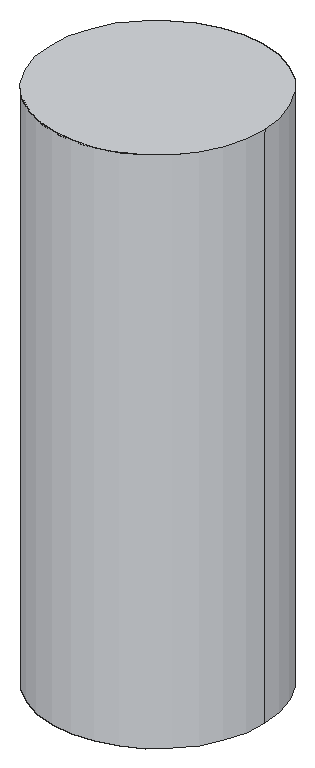
Revit family "Elexion_Reaction-tank_Elector-L60", category Mechanical Equipment, Revit 2020
Family settings
  Round Connector Dimension = Use Diameter
  Part Type = Normal
  OmniClass Number = 23.75.00.00
  OmniClass Title = Climate Control (HVAC)
  Work Plane-Based = No
  Always vertical = Yes
  Cut with Voids When Loaded = No
  Shared = No
  Room Calculation Point = No
Parameters
  Default Elevation = 0 mm
Reference planes
  plane 1 "Center (Front/Back)": y = 0
  plane 2: z = 0
  plane 3 "Center (Left/Right)": x = 0
Forms (mm)
  Extrusion 1, solid
    sketch origin (416.613, -178.441, 47) x (1, 0, 0) y (0, 1, 0)
      loop
        circle (-416.613, 178.441) r 183.25
    from 0 to 906.472
Lines and regions (mm)
  model lines, style "InvisibleLines"
    curve 1: line (-220, 0, 295) -> (-389.723, 0, 295)
    curve 2: line (-220, 0, 745) -> (-546.395, 0, 745)
    curve 3: line (-60, 0, 1070) -> (-686.28, 0, 1070)
    curve 4: line (-183.25, 0, 215) -> (-183.25, 0, -125)
    curve 5: line (183.25, 0, 215) -> (183.25, 0, -125)
    curve 6: line (-191.75, 0, 215) -> (-191.75, 0, -125)
    curve 7: line (191.75, 0, 215) -> (191.75, 0, -125)
Dimensions and locks
  curve 1 to level = 295 mm
  curve 2 to level = 745 mm
  curve 3 to level = 1070 mm
  curve 4 to curve 5 = 366.5 mm
  curve 6 to curve 7 = 383.5 mm
  aligned and locked: level to plane 2
Connectors
  piping at (-191.75, 0, 745.5), diameter 25
    settings: on import instance, index 1, connector inside diameter 609.6 mm, connector length 0 mm, flow factor 0, pipe flow 0.0 L/s, pressure drop 0.0 Pa, fitting loss kfactor 0, connector angle 0.00°, fixture units 0, engagement length 0 mm, angle of deflection 0.00°, flow configuration 0, flow direction 0, fitting loss method 0, system type 7, joint type 0, gender type 0, connector reference index -1, connector utility 0, adjustable connector no, is connector primary yes, connector description ""
  piping at (-191.75, 0, 295.5), diameter 25
    settings: on import instance, index 2, connector inside diameter 609.6 mm, connector length 0 mm, flow factor 0, pipe flow 0.0 L/s, pressure drop 0.0 Pa, fitting loss kfactor 0, connector angle 0.00°, fixture units 0, engagement length 0 mm, angle of deflection 0.00°, flow configuration 0, flow direction 0, fitting loss method 0, system type 7, joint type 0, gender type 0, connector reference index -1, connector utility 0, adjustable connector no, is connector primary no, connector description ""
  piping at (191.75, 0, 745.5), diameter 25
    settings: on import instance, index 3, connector inside diameter 609.6 mm, connector length 0 mm, flow factor 0, pipe flow 0.0 L/s, pressure drop 0.0 Pa, fitting loss kfactor 0, connector angle 0.00°, fixture units 0, engagement length 0 mm, angle of deflection 0.00°, flow configuration 0, flow direction 0, fitting loss method 0, system type 7, joint type 0, gender type 0, connector reference index -1, connector utility 0, adjustable connector no, is connector primary no, connector description ""
  piping at (191.75, 0, 295.5), diameter 25
    settings: on import instance, index 4, connector inside diameter 609.6 mm, connector length 0 mm, flow factor 0, pipe flow 0.0 L/s, pressure drop 0.0 Pa, fitting loss kfactor 0, connector angle 0.00°, fixture units 0, engagement length 0 mm, angle of deflection 0.00°, flow configuration 0, flow direction 0, fitting loss method 0, system type 7, joint type 0, gender type 0, connector reference index -1, connector utility 0, adjustable connector no, is connector primary no, connector description ""
